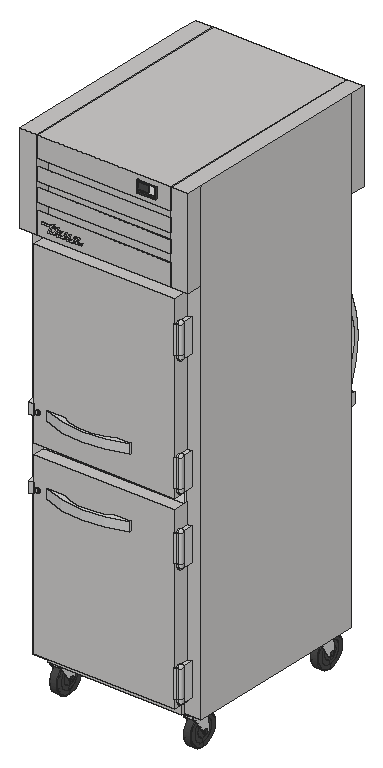
Revit family "QF_TRUE_STG1RPT-2HS-1G-HC", category Specialty Equipment, Revit 2012 (continued)
Automatic sketch dimensions
  Extrusion 6 sketch curve to Extrusion 6 sketch curve = 0.04799"
  Extrusion 6 sketch curve to Extrusion 6 sketch curve = 0.02531"
  Extrusion 6 sketch curve to Extrusion 6 sketch curve = 0.03054"
  Extrusion 6 sketch curve to Extrusion 6 sketch curve = 0.2589"
  Extrusion 6 sketch curve to Extrusion 6 sketch curve = 0.0674"
  Extrusion 6 sketch curve to Extrusion 6 sketch curve = 0.0324"
  Extrusion 6 sketch curve to Extrusion 6 sketch curve = 0.26185"
  Extrusion 6 sketch curve to Extrusion 6 sketch curve = 11/256"
  Extrusion 6 sketch curve to Extrusion 6 sketch curve = 0.07366"
  Extrusion 6 sketch curve to Extrusion 6 sketch curve = 0.02187"
  Extrusion 6 sketch curve to Extrusion 6 sketch curve = 0.06479"
  Extrusion 6 sketch curve to Extrusion 6 sketch curve = 0.01183"
  Extrusion 6 sketch curve to Extrusion 6 sketch curve = 0.05778"
  Extrusion 6 sketch curve to Extrusion 6 sketch curve = 0.53375"
  Extrusion 6 sketch curve to Extrusion 6 sketch curve = 0.23098"
  Extrusion 6 sketch curve to Extrusion 6 sketch curve = 0"
  Extrusion 6 sketch curve to Extrusion 6 sketch curve = 0.05045"
  Extrusion 6 sketch curve to Extrusion 6 sketch curve = 0.09139"
  Extrusion 6 sketch curve to Extrusion 6 sketch curve = 29/128"  (x3)
  Extrusion 9 sketch curve to Extrusion 9 sketch curve = 1/4"  (x2)
  Extrusion 9 sketch curve to Extrusion 9 sketch curve = 0.50669"  (x2)
  Extrusion 9 sketch curve to plane 6 = 0.63926"  (x2)
  Extrusion 9 sketch curve to Extrusion 9 sketch curve = 2 1/2"  (x2)
  level to Extrusion 9 sketch curve = 2.59003"
  Extrusion 9 sketch curve to Extrusion 9 sketch curve = 0.59966"  (x2)
  Extrusion 9 sketch curve to Extrusion 9 sketch curve = 0.07363"
  level to Extrusion 9 sketch curve = 2.5164"
  Extrusion 9 sketch curve to Extrusion 9 sketch curve = 0.32905"
  Extrusion 9 sketch curve to Extrusion 9 sketch curve = 0.60485"  (x2)
  Extrusion 10 sketch curve to Extrusion 10 sketch curve = 1/4"  (x2)
  Extrusion 10 sketch curve to Extrusion 10 sketch curve = 0.50669"  (x2)
  Extrusion 10 sketch curve to plane 6 = 0.63926"  (x2)
  Extrusion 10 sketch curve to Extrusion 10 sketch curve = 2 1/2"  (x2)
  level to Extrusion 10 sketch curve = 2.59003"
  Extrusion 10 sketch curve to Extrusion 10 sketch curve = 0.59966"  (x2)
  Extrusion 10 sketch curve to Extrusion 10 sketch curve = 0.07363"
  level to Extrusion 10 sketch curve = 2.5164"
  Extrusion 10 sketch curve to Extrusion 10 sketch curve = 0.32905"
  Extrusion 10 sketch curve to Extrusion 10 sketch curve = 0.60485"  (x2)
  Extrusion 15 sketch curve to Extrusion 15 sketch curve = 1/4"  (x2)
  Extrusion 15 sketch curve to plane 6 = 0.63926"  (x2)
  Extrusion 15 sketch curve to Extrusion 15 sketch curve = 2 1/2"  (x2)
  Extrusion 15 sketch curve to plane 6 = 0.93273"  (x2)
  Extrusion 15 sketch curve to Extrusion 15 sketch curve = 0.03603"
  Extrusion 15 sketch curve to plane 6 = 1.24411"
  plane 2 "LEFT" to Revolve 16 sketch curve = 1.33602"
  Revolve 16 sketch curve to Revolve 16 sketch curve = 0.48273"
  Revolve 16 sketch curve to Revolve 16 sketch curve = 0.1"  (x2)
  Revolve 16 sketch curve to Revolve 16 sketch curve = 0.16101"  (x2)
  Revolve 16 sketch curve to Revolve 16 sketch curve = 1/2"
  Revolve 16 sketch curve to Revolve 16 sketch curve = 0.16509"  (x2)
  Revolve 16 sketch curve to Revolve 16 sketch curve = 0.39592"
  level to Revolve 16 sketch curve = 2 1/2"
  Revolve 16 sketch curve to Revolve 16 sketch curve = 0"
  Revolve 16 sketch curve to Revolve 16 sketch curve = 0.29941"  (x2)
  Revolve 16 sketch curve to Revolve 16 sketch curve = 3/4"  (x4)
  Revolve 16 sketch curve to Revolve 16 sketch curve = 0.59652"
  Revolve 16 sketch curve to Revolve 16 sketch curve = 0.60059"
  Extrusion 17 sketch curve to Extrusion 17 sketch curve = 1/4"  (x2)
  Extrusion 17 sketch curve to Extrusion 17 sketch curve = 0.50669"  (x2)
  Extrusion 17 sketch curve to plane 6 = 0.63926"  (x2)
  Extrusion 17 sketch curve to Extrusion 17 sketch curve = 2 1/2"  (x2)
  level to Extrusion 17 sketch curve = 2.59003"
  Extrusion 17 sketch curve to Extrusion 17 sketch curve = 0.59966"  (x2)
  Extrusion 17 sketch curve to Extrusion 17 sketch curve = 0.07363"
  level to Extrusion 17 sketch curve = 2.5164"
  Extrusion 17 sketch curve to Extrusion 17 sketch curve = 0.32905"
  Extrusion 17 sketch curve to Extrusion 17 sketch curve = 0.60485"  (x2)
  Extrusion 18 sketch curve to Extrusion 18 sketch curve = 1/4"  (x2)
  Extrusion 18 sketch curve to Extrusion 18 sketch curve = 0.50669"  (x2)
  Extrusion 18 sketch curve to plane 6 = 0.63926"  (x2)
  Extrusion 18 sketch curve to Extrusion 18 sketch curve = 2 1/2"  (x2)
  level to Extrusion 18 sketch curve = 2.59003"
  Extrusion 18 sketch curve to Extrusion 18 sketch curve = 0.59966"  (x2)
  Extrusion 18 sketch curve to Extrusion 18 sketch curve = 0.07363"
  level to Extrusion 18 sketch curve = 2.5164"
  Extrusion 18 sketch curve to Extrusion 18 sketch curve = 0.32905"
  Extrusion 18 sketch curve to Extrusion 18 sketch curve = 0.60485"  (x2)
  Revolve 19 sketch curve to plane 6 = 0.62954"
  Revolve 19 sketch curve to Revolve 19 sketch curve = 0.10278"
  Revolve 19 sketch curve to plane 6 = 0.00141"
  plane 6 to Revolve 19 sketch curve = 0.26768"
  Revolve 20 sketch curve to level = 0"
  Revolve 20 sketch curve to Revolve 20 sketch curve = 1/4"
  Revolve 20 sketch curve to plane 6 = 0"
  level to Revolve 20 sketch curve = 1"
  Revolve 20 sketch curve to Revolve 20 sketch curve = 5/8"
  plane 6 to Revolve 20 sketch curve = 1 25/32"
  Revolve 21 sketch curve to level = 0"
  Revolve 21 sketch curve to Revolve 21 sketch curve = 1/4"
  Revolve 21 sketch curve to plane 6 = 0"
  level to Revolve 21 sketch curve = 1"
  Revolve 21 sketch curve to Revolve 21 sketch curve = 5/8"
  plane 6 to Revolve 21 sketch curve = 1 25/32"
  Revolve 22 sketch curve to plane 6 = 0.62954"
  Revolve 22 sketch curve to Revolve 22 sketch curve = 0.10278"
  Revolve 22 sketch curve to plane 6 = 0.00141"
  plane 6 to Revolve 22 sketch curve = 0.26768"
  Extrusion 23 sketch curve to Extrusion 23 sketch curve = 1/4"  (x2)
  Extrusion 23 sketch curve to plane 6 = 0.63926"  (x2)
  Extrusion 23 sketch curve to Extrusion 23 sketch curve = 2 1/2"  (x2)
  Extrusion 23 sketch curve to plane 6 = 0.93273"  (x2)
  Extrusion 23 sketch curve to Extrusion 23 sketch curve = 0.03603"
  Extrusion 23 sketch curve to plane 6 = 1.24411"
  plane 2 "LEFT" to Extrusion 27 sketch curve = 3/64"
  Extrusion 28 sketch curve to Extrusion 28 sketch curve = 0.20453"
  Extrusion 28 sketch curve to plane 5 "TOP" = 19.57271"
  Extrusion 28 sketch curve to Extrusion 28 sketch curve = 4.39928"
  Extrusion 28 sketch curve to Extrusion 28 sketch curve = 0.71221"
  Revolve 29 sketch curve to Revolve 29 sketch curve = 0.40666"
  Revolve 29 sketch curve to Revolve 29 sketch curve = 0"  (x2)
  Revolve 29 sketch curve to plane 5 "TOP" = 18.75492"
  Revolve 29 sketch curve to Revolve 29 sketch curve = 0.55526"
  Revolve 29 sketch curve to Revolve 29 sketch curve = 0.19474"
  Revolve 29 sketch curve to Revolve 29 sketch curve = 0.14649"
  Revolve 29 sketch curve to Revolve 29 sketch curve = 4.42889"
  Revolve 29 sketch curve to Revolve 29 sketch curve = 0.05342"
  Revolve 29 sketch curve to Revolve 29 sketch curve = 0.51246"
  Revolve 29 sketch curve to Revolve 29 sketch curve = 0.05889"
  Extrusion 30 sketch curve to Extrusion 30 sketch curve = 0.39759"
  Extrusion 30 sketch curve to plane 5 "TOP" = 19.6514"
  Extrusion 30 sketch curve to Extrusion 30 sketch curve = 4.47281"
  Extrusion 31 sketch curve to Extrusion 31 sketch curve = 0.20453"
  plane 6 to Extrusion 31 sketch curve = 38.92729"
  Extrusion 31 sketch curve to Extrusion 31 sketch curve = 4.39928"
  Extrusion 31 sketch curve to Extrusion 31 sketch curve = 0.71221"
  Revolve 32 sketch curve to Revolve 32 sketch curve = 0.40666"
  Revolve 32 sketch curve to Revolve 32 sketch curve = 0"  (x2)
  Revolve 32 sketch curve to plane 5 "TOP" = 38.25492"
  Revolve 32 sketch curve to Revolve 32 sketch curve = 0.55526"
  Revolve 32 sketch curve to Revolve 32 sketch curve = 0.19474"
  Revolve 32 sketch curve to Revolve 32 sketch curve = 0.14649"
  Revolve 32 sketch curve to Revolve 32 sketch curve = 4.42889"
  Revolve 32 sketch curve to Revolve 32 sketch curve = 0.05342"
  Revolve 32 sketch curve to Revolve 32 sketch curve = 0.51246"
  Revolve 32 sketch curve to Revolve 32 sketch curve = 0.05889"
  Extrusion 33 sketch curve to Extrusion 33 sketch curve = 0.39759"
  plane 6 to Extrusion 33 sketch curve = 38.8486"
  Extrusion 33 sketch curve to Extrusion 33 sketch curve = 4.47281"
  Extrusion 34 sketch curve to Extrusion 34 sketch curve = 0.20453"
  plane 6 to Extrusion 34 sketch curve = 27.92729"
  Extrusion 34 sketch curve to Extrusion 34 sketch curve = 4.39928"
  Extrusion 34 sketch curve to Extrusion 34 sketch curve = 0.71221"
  Revolve 35 sketch curve to Revolve 35 sketch curve = 0.40666"
  Revolve 35 sketch curve to Revolve 35 sketch curve = 0"  (x2)
  plane 6 to Revolve 35 sketch curve = 28.74508"
  Revolve 35 sketch curve to Revolve 35 sketch curve = 0.55526"
  Revolve 35 sketch curve to Revolve 35 sketch curve = 0.19474"
  Revolve 35 sketch curve to Revolve 35 sketch curve = 0.14649"
  Revolve 35 sketch curve to Revolve 35 sketch curve = 4.42889"
  Revolve 35 sketch curve to Revolve 35 sketch curve = 0.05342"
  Revolve 35 sketch curve to Revolve 35 sketch curve = 0.51246"
  Revolve 35 sketch curve to Revolve 35 sketch curve = 0.05889"
  Extrusion 36 sketch curve to Extrusion 36 sketch curve = 0.39759"
  plane 6 to Extrusion 36 sketch curve = 27.8486"
  Extrusion 36 sketch curve to Extrusion 36 sketch curve = 4.47281"
  Extrusion 37 sketch curve to Extrusion 37 sketch curve = 0.20453"
  plane 6 to Extrusion 37 sketch curve = 8.17729"
  plane 6 to Extrusion 37 sketch curve = 3.57348"
  Extrusion 37 sketch curve to Extrusion 37 sketch curve = 0.75105"
  Revolve 38 sketch curve to Revolve 38 sketch curve = 0"
  plane 6 to Revolve 38 sketch curve = 8.99508"
  Revolve 38 sketch curve to Revolve 38 sketch curve = 0.55526"
  Revolve 38 sketch curve to Revolve 38 sketch curve = 0.19474"
  Revolve 38 sketch curve to Revolve 38 sketch curve = 0.14649"
  plane 6 to Revolve 38 sketch curve = 3.62689"
  Revolve 38 sketch curve to Revolve 38 sketch curve = 0.05342"
  Revolve 38 sketch curve to Revolve 38 sketch curve = 0.51246"
  Revolve 38 sketch curve to Revolve 38 sketch curve = 0.05889"
  Extrusion 39 sketch curve to Extrusion 39 sketch curve = 0.39759"
  plane 6 to Extrusion 39 sketch curve = 8.0986"
  plane 6 to Extrusion 39 sketch curve = 3.62579"
  plane 8 to Extrusion 40 sketch curve = 3/16"  (x2)
  Extrusion 40 sketch curve to Extrusion 40 sketch curve = 0.21217"  (x2)
  Extrusion 40 sketch curve to Extrusion 40 sketch curve = 7.70023"
  plane 6 to Extrusion 40 sketch curve = 33 1/4"
  Extrusion 40 sketch curve to Extrusion 40 sketch curve = 2.3785"
  Extrusion 40 sketch curve to Extrusion 40 sketch curve = 4.559"
  Extrusion 40 sketch curve to Extrusion 40 sketch curve = 0"
  Extrusion 44 sketch curve to Extrusion 44 sketch curve = 0.20453"
  Extrusion 44 sketch curve to plane 5 "TOP" = 19.66646"
  Extrusion 44 sketch curve to Extrusion 44 sketch curve = 4.39928"
  Extrusion 44 sketch curve to Extrusion 44 sketch curve = 0.71221"
  Revolve 45 sketch curve to Revolve 45 sketch curve = 0.40666"
  Revolve 45 sketch curve to Revolve 45 sketch curve = 0"  (x2)
  Revolve 45 sketch curve to plane 5 "TOP" = 18.84867"
  Revolve 45 sketch curve to Revolve 45 sketch curve = 0.55526"
  Revolve 45 sketch curve to Revolve 45 sketch curve = 0.19474"
  Revolve 45 sketch curve to Revolve 45 sketch curve = 0.14649"
  Revolve 45 sketch curve to Revolve 45 sketch curve = 4.42889"
  Revolve 45 sketch curve to Revolve 45 sketch curve = 0.05342"
  Revolve 45 sketch curve to Revolve 45 sketch curve = 0.51246"
  Revolve 45 sketch curve to Revolve 45 sketch curve = 0.05889"
  Extrusion 47 sketch curve to Extrusion 47 sketch curve = 0.20453"
  plane 6 to Extrusion 47 sketch curve = 38.83354"
  Extrusion 47 sketch curve to Extrusion 47 sketch curve = 4.39928"
  Extrusion 47 sketch curve to Extrusion 47 sketch curve = 0.71221"
  Revolve 48 sketch curve to Revolve 48 sketch curve = 0.40666"
  Revolve 48 sketch curve to Revolve 48 sketch curve = 0"  (x2)
  Revolve 48 sketch curve to plane 5 "TOP" = 38.34867"
  Revolve 48 sketch curve to Revolve 48 sketch curve = 0.55526"
  Revolve 48 sketch curve to Revolve 48 sketch curve = 0.19474"
  Revolve 48 sketch curve to Revolve 48 sketch curve = 0.14649"
  Revolve 48 sketch curve to Revolve 48 sketch curve = 4.42889"
  Revolve 48 sketch curve to Revolve 48 sketch curve = 0.05342"
  Revolve 48 sketch curve to Revolve 48 sketch curve = 0.51246"
  Revolve 48 sketch curve to Revolve 48 sketch curve = 0.05889"
  Extrusion 50 sketch curve to Extrusion 50 sketch curve = 0.20453"
  plane 6 to Extrusion 50 sketch curve = 27.83354"
  Extrusion 50 sketch curve to Extrusion 50 sketch curve = 4.39928"
  Extrusion 50 sketch curve to Extrusion 50 sketch curve = 0.71221"
  Revolve 51 sketch curve to Revolve 51 sketch curve = 0.40666"
  Revolve 51 sketch curve to Revolve 51 sketch curve = 0"  (x2)
  plane 6 to Revolve 51 sketch curve = 28.65133"
  Revolve 51 sketch curve to Revolve 51 sketch curve = 0.55526"
  Revolve 51 sketch curve to Revolve 51 sketch curve = 0.19474"
  Revolve 51 sketch curve to Revolve 51 sketch curve = 0.14649"
  Revolve 51 sketch curve to Revolve 51 sketch curve = 4.42889"
  Revolve 51 sketch curve to Revolve 51 sketch curve = 0.05342"
  Revolve 51 sketch curve to Revolve 51 sketch curve = 0.51246"
  Revolve 51 sketch curve to Revolve 51 sketch curve = 0.05889"
  Extrusion 53 sketch curve to Extrusion 53 sketch curve = 0.20453"
  plane 6 to Extrusion 53 sketch curve = 8.08354"
  plane 6 to Extrusion 53 sketch curve = 3.47973"
  Extrusion 53 sketch curve to Extrusion 53 sketch curve = 0.71221"
  Revolve 54 sketch curve to Revolve 54 sketch curve = 0.40666"
  Revolve 54 sketch curve to Revolve 54 sketch curve = 0"  (x2)
  plane 6 to Revolve 54 sketch curve = 8.90133"
  Revolve 54 sketch curve to Revolve 54 sketch curve = 0.55526"
  Revolve 54 sketch curve to Revolve 54 sketch curve = 0.19474"
  Revolve 54 sketch curve to Revolve 54 sketch curve = 0.14649"
  plane 6 to Revolve 54 sketch curve = 3.53314"
  Revolve 54 sketch curve to Revolve 54 sketch curve = 0.05342"
  Revolve 54 sketch curve to Revolve 54 sketch curve = 0.51246"
  Revolve 54 sketch curve to Revolve 54 sketch curve = 0.05889"
  Extrusion 56 sketch curve to Extrusion 56 sketch curve = 0.0555"
  plane 6 to Extrusion 56 sketch curve = 25.91365"
  Extrusion 56 sketch curve to Extrusion 56 sketch curve = 0.27385"
  Extrusion 56 sketch curve to Extrusion 56 sketch curve = 0.29355"
  Blend 57 sketch curve to Blend 57 sketch curve = 3/4"
  plane 6 to Blend 57 sketch curve = 27.00831"
  Blend 57 sketch curve to Blend 57 sketch curve = 1 3/4"
  Blend 57 sketch curve to Blend 57 sketch curve = 0.93223"
  plane 6 to Blend 57 sketch curve = 27.6059"
  Blend 57 sketch curve to Blend 57 sketch curve = 2.78233"
  Extrusion 58 sketch curve to plane 4 "FRONT" = 3/16"  (x2)
  Extrusion 58 sketch curve to Extrusion 58 sketch curve = 2.37851"  (x2)
  Extrusion 58 sketch curve to Extrusion 58 sketch curve = 0"
  Extrusion 58 sketch curve to Extrusion 58 sketch curve = 0.2122"
  Extrusion 58 sketch curve to Extrusion 58 sketch curve = 7.30945"
  Extrusion 62 sketch curve to Extrusion 62 sketch curve = 0.0555"
  plane 6 to Extrusion 62 sketch curve = 37.26895"
  Extrusion 62 sketch curve to Extrusion 62 sketch curve = 0.29355"
  Extrusion 62 sketch curve to Extrusion 62 sketch curve = 0.27385"
  Blend 63 sketch curve to Blend 63 sketch curve = 3/4"
  plane 6 to Blend 63 sketch curve = 38.49169"
  Blend 63 sketch curve to Blend 63 sketch curve = 1 3/4"
  Blend 63 sketch curve to Blend 63 sketch curve = 0.93223"
  plane 6 to Blend 63 sketch curve = 38.92643"
  Blend 63 sketch curve to Blend 63 sketch curve = 2.78233"
  Extrusion 64 sketch curve to plane 4 "FRONT" = 3/16"  (x2)
  Extrusion 64 sketch curve to Extrusion 64 sketch curve = 2.37851"  (x2)
  Extrusion 64 sketch curve to Extrusion 64 sketch curve = 0"
  Extrusion 64 sketch curve to Extrusion 64 sketch curve = 0.2122"
  Extrusion 64 sketch curve to Extrusion 64 sketch curve = 7.30945"
  plane 2 "LEFT" to Revolve 66 sketch curve = 1.33602"
  Revolve 66 sketch curve to Revolve 66 sketch curve = 0.48273"
  Revolve 66 sketch curve to Revolve 66 sketch curve = 0.1"  (x2)
  Revolve 66 sketch curve to Revolve 66 sketch curve = 0.16101"  (x2)
  Revolve 66 sketch curve to Revolve 66 sketch curve = 1/2"
  Revolve 66 sketch curve to Revolve 66 sketch curve = 0.16509"  (x2)
  Revolve 66 sketch curve to Revolve 66 sketch curve = 0.39592"
  level to Revolve 66 sketch curve = 2 1/2"
  Revolve 66 sketch curve to Revolve 66 sketch curve = 0"
  Revolve 66 sketch curve to Revolve 66 sketch curve = 0.29941"  (x2)
  Revolve 66 sketch curve to Revolve 66 sketch curve = 3/4"  (x4)
  Revolve 66 sketch curve to Revolve 66 sketch curve = 0.59652"
  Revolve 66 sketch curve to Revolve 66 sketch curve = 0.60059"
  Extrusion 9 sketch curve to Extrusion 9 sketch curve = 1.7492"
  Extrusion 10 sketch curve to Extrusion 10 sketch curve = 1.7492"
  Extrusion 17 sketch curve to Extrusion 17 sketch curve = 1.7492"
  Extrusion 18 sketch curve to Extrusion 18 sketch curve = 1.7492"
  Extrusion 28 sketch curve to Extrusion 28 sketch curve = 1.50065"
  Extrusion 31 sketch curve to Extrusion 31 sketch curve = 1.50065"
  Extrusion 34 sketch curve to Extrusion 34 sketch curve = 1.50065"
  Extrusion 37 sketch curve to Extrusion 37 sketch curve = 1.50065"
  Extrusion 3 sketch curve to Extrusion 3 sketch curve = 1/2"
  Extrusion 5 sketch curve to Extrusion 5 sketch curve = 2 9/16"
  Extrusion 9 sketch curve to Extrusion 9 sketch curve = 0.35555"
  Extrusion 10 sketch curve to Extrusion 10 sketch curve = 0.35555"
  Extrusion 17 sketch curve to Extrusion 17 sketch curve = 0.35555"
  Extrusion 18 sketch curve to Extrusion 18 sketch curve = 0.35555"
  Extrusion 44 sketch curve to Extrusion 44 sketch curve = 1.50065"
  Extrusion 47 sketch curve to Extrusion 47 sketch curve = 1.50065"
  Extrusion 50 sketch curve to Extrusion 50 sketch curve = 1.50065"
  Extrusion 53 sketch curve to Extrusion 53 sketch curve = 1.50065"
  Extrusion 1 sketch curve to plane 4 "FRONT" = 2 3/4"
  plane 7 to Extrusion 3 sketch curve = 2.3292"
  plane 7 to Extrusion 3 sketch curve = 2.7042"
  plane 7 to Extrusion 3 sketch curve = 2.2042"
  Extrusion 3 sketch curve to Extrusion 3 sketch curve = 0"  (x2)
  plane 7 to Extrusion 3 sketch curve = 0.1417"  (x4)
  Extrusion 5 sketch curve to plane 4 "FRONT" = 3/16"
  Extrusion 9 sketch curve to plane 4 "FRONT" = 6.90419"
  Extrusion 10 sketch curve to plane 4 "FRONT" = 6.90419"
  Extrusion 15 sketch curve to plane 4 "FRONT" = 6.58467"
  Extrusion 17 sketch curve to plane 4 "FRONT" = 6.90419"
  Extrusion 18 sketch curve to plane 4 "FRONT" = 6.90419"
  Extrusion 23 sketch curve to plane 4 "FRONT" = 6.58467"
  Extrusion 44 sketch curve to plane 4 "FRONT" = 0.60979"
  Extrusion 44 sketch curve to Extrusion 44 sketch curve = 0.43503"
  Revolve 45 sketch curve to plane 4 "FRONT" = 3/8"  (x2)
  Revolve 45 sketch curve to Revolve 45 sketch curve = 0.02425"
  Revolve 45 sketch curve to Revolve 45 sketch curve = 0.38436"
  Extrusion 47 sketch curve to plane 4 "FRONT" = 0.60979"
  Extrusion 47 sketch curve to Extrusion 47 sketch curve = 0.43503"
  Revolve 48 sketch curve to plane 4 "FRONT" = 3/8"  (x2)
  Revolve 48 sketch curve to Revolve 48 sketch curve = 0.02425"
  Revolve 48 sketch curve to Revolve 48 sketch curve = 0.02231"
  Extrusion 50 sketch curve to plane 4 "FRONT" = 0.60979"
  Extrusion 50 sketch curve to Extrusion 50 sketch curve = 0.43503"
  Revolve 51 sketch curve to plane 4 "FRONT" = 3/8"  (x2)
  Revolve 51 sketch curve to Revolve 51 sketch curve = 0.02425"
  Revolve 51 sketch curve to Revolve 51 sketch curve = 0.02231"
  Extrusion 53 sketch curve to plane 4 "FRONT" = 0.60979"
  Extrusion 53 sketch curve to Extrusion 53 sketch curve = 0.43503"
  Revolve 54 sketch curve to plane 4 "FRONT" = 3/8"  (x2)
  Revolve 54 sketch curve to Revolve 54 sketch curve = 0.02425"
  Revolve 54 sketch curve to Revolve 54 sketch curve = 0.02231"
  Extrusion 58 sketch curve to plane 4 "FRONT" = 7.95429"
  Extrusion 64 sketch curve to plane 4 "FRONT" = 7.95429"
  plane 8 to Extrusion 1 sketch curve = 2 3/4"
  plane 8 to Extrusion 3 sketch curve = 2 3/4"  (x2)
  plane 8 to Extrusion 3 sketch curve = 2.15841"  (x2)
  plane 8 to Extrusion 3 sketch curve = 3/16"  (x4)
  plane 8 to Extrusion 9 sketch curve = 6.82645"
  plane 8 to Extrusion 10 sketch curve = 6.82645"
  plane 8 to Extrusion 15 sketch curve = 6.82645"
  plane 8 to Extrusion 17 sketch curve = 6.82645"
  plane 8 to Extrusion 18 sketch curve = 6.82645"
  plane 8 to Extrusion 23 sketch curve = 6.82645"
  plane 8 to Extrusion 27 sketch curve = 2 3/4"
  plane 8 to Extrusion 27 sketch curve = 3/16"
  plane 8 to Extrusion 28 sketch curve = 0.60979"
  Extrusion 28 sketch curve to Extrusion 28 sketch curve = 0.43503"
  plane 8 to Revolve 29 sketch curve = 3/16"  (x2)
  Revolve 29 sketch curve to Revolve 29 sketch curve = 0.38242"
  Revolve 29 sketch curve to Revolve 29 sketch curve = 0.02231"
  plane 8 to Extrusion 31 sketch curve = 0.60979"
  Extrusion 31 sketch curve to Extrusion 31 sketch curve = 0.43503"
  plane 8 to Revolve 32 sketch curve = 3/16"  (x2)
  Revolve 32 sketch curve to Revolve 32 sketch curve = 0.38242"
  Revolve 32 sketch curve to Revolve 32 sketch curve = 0.02231"
  plane 8 to Extrusion 34 sketch curve = 0.60979"
  Extrusion 34 sketch curve to Extrusion 34 sketch curve = 0.43503"
  plane 8 to Revolve 35 sketch curve = 3/16"  (x2)
  Revolve 35 sketch curve to Revolve 35 sketch curve = 0.38242"
  Revolve 35 sketch curve to Revolve 35 sketch curve = 0.38436"
  plane 8 to Extrusion 37 sketch curve = 0.60979"
  Extrusion 37 sketch curve to Extrusion 37 sketch curve = 0.43503"
  plane 8 to Revolve 38 sketch curve = 3/16"  (x2)
  Revolve 38 sketch curve to Revolve 38 sketch curve = 0.38242"
  Revolve 38 sketch curve to Revolve 38 sketch curve = 0.38436"
  plane 8 to Revolve 38 sketch curve = 0.59416"
  Revolve 38 sketch curve to Revolve 38 sketch curve = 0.40666"
  plane 8 to Extrusion 40 sketch curve = 8.21725"
  plane 2 "LEFT" to Extrusion 1 sketch curve = 2 55/64"
  Extrusion 5 sketch curve to Extrusion 5 sketch curve = 2 13/16"
  plane 2 "LEFT" to Extrusion 6 sketch curve = 3.68957"
  Revolve 16 sketch curve to Revolve 16 sketch curve = 0.4"
  Revolve 16 sketch curve to Revolve 16 sketch curve = 0.75408"
  Revolve 16 sketch curve to Revolve 16 sketch curve = 0.10408"
  plane 2 "LEFT" to Revolve 19 sketch curve = 1.54668"
  Revolve 19 sketch curve to Revolve 19 sketch curve = 1.29707"
  Revolve 19 sketch curve to Revolve 19 sketch curve = 0"
  plane 2 "LEFT" to Revolve 20 sketch curve = 1.51037"
  plane 2 "LEFT" to Revolve 20 sketch curve = 2 3/32"
  Revolve 20 sketch curve to Revolve 20 sketch curve = 1/2"
  Revolve 20 sketch curve to Revolve 20 sketch curve = 0"
  plane 2 "LEFT" to Revolve 21 sketch curve = 1.51037"
  plane 2 "LEFT" to Revolve 21 sketch curve = 2 3/32"
  Revolve 21 sketch curve to Revolve 21 sketch curve = 1/2"
  Revolve 21 sketch curve to Revolve 21 sketch curve = 0"
  plane 2 "LEFT" to Revolve 22 sketch curve = 1.54668"
  Revolve 22 sketch curve to Revolve 22 sketch curve = 1.29707"
  Revolve 22 sketch curve to Revolve 22 sketch curve = 0"
  Extrusion 27 sketch curve to Extrusion 27 sketch curve = 2 13/16"
  plane 2 "LEFT" to Extrusion 30 sketch curve = 1.88366"
  plane 2 "LEFT" to Extrusion 33 sketch curve = 1.88366"
  plane 2 "LEFT" to Extrusion 36 sketch curve = 1.88366"
  plane 2 "LEFT" to Extrusion 39 sketch curve = 1.88366"
  plane 2 "LEFT" to Extrusion 56 sketch curve = 3.0734"
  Extrusion 56 sketch curve to Extrusion 56 sketch curve = 0.02035"
  plane 2 "LEFT" to Blend 57 sketch curve = 2 9/32"  (x2)
  plane 2 "LEFT" to Extrusion 58 sketch curve = 4 9/16"
  Extrusion 58 sketch curve to Extrusion 58 sketch curve = 4.42149"
  plane 2 "LEFT" to Extrusion 62 sketch curve = 3.0734"
  Extrusion 62 sketch curve to Extrusion 62 sketch curve = 0.02035"
  plane 2 "LEFT" to Blend 63 sketch curve = 2 9/32"  (x2)
  plane 2 "LEFT" to Extrusion 64 sketch curve = 4 9/16"
  Extrusion 64 sketch curve to Extrusion 64 sketch curve = 4.42149"
  Revolve 66 sketch curve to Revolve 66 sketch curve = 0.4"
  Revolve 66 sketch curve to Revolve 66 sketch curve = 0.75408"
  Revolve 66 sketch curve to Revolve 66 sketch curve = 0.10408"
  Extrusion 2 sketch curve to plane 3 "RIGHT" = 0"
  Extrusion 2 sketch curve to plane 3 "RIGHT" = 2 55/64"
  Extrusion 2 sketch curve to plane 4 "FRONT" = 2 3/4"
  plane 8 to Extrusion 2 sketch curve = 2 3/4"
  Extrusion 4 sketch curve to plane 3 "RIGHT" = 2 55/64"
  Extrusion 4 sketch curve to plane 3 "RIGHT" = 3/64"
  Extrusion 4 sketch curve to plane 4 "FRONT" = 3/16"
  Extrusion 4 sketch curve to Extrusion 4 sketch curve = 2 9/16"
  Extrusion 7 sketch curve to plane 3 "RIGHT" = 3 1/4"
  Extrusion 7 sketch curve to plane 5 "TOP" = 2 1/8"
  Revolve 8 sketch curve to plane 3 "RIGHT" = 4.35148"
  Revolve 8 sketch curve to Revolve 8 sketch curve = 0.48273"
  Revolve 8 sketch curve to Revolve 8 sketch curve = 0.4"
  Revolve 8 sketch curve to Revolve 8 sketch curve = 0"  (x2)
  Revolve 8 sketch curve to Revolve 8 sketch curve = 0.1"  (x2)
  Revolve 8 sketch curve to Revolve 8 sketch curve = 0.16101"
  Revolve 8 sketch curve to Revolve 8 sketch curve = 0.75408"
  Revolve 8 sketch curve to Revolve 8 sketch curve = 0.92798"
  Revolve 8 sketch curve to Revolve 8 sketch curve = 0.06101"
  Revolve 8 sketch curve to Revolve 8 sketch curve = 1/2"
  Revolve 8 sketch curve to Revolve 8 sketch curve = 0.16509"
  Revolve 8 sketch curve to Revolve 8 sketch curve = 0.39592"
  level to Revolve 8 sketch curve = 2 1/2"
  Revolve 8 sketch curve to Revolve 8 sketch curve = 0.29941"  (x2)
  Revolve 8 sketch curve to Revolve 8 sketch curve = 3/4"  (x4)
  Revolve 8 sketch curve to Revolve 8 sketch curve = 0.59652"
  Revolve 8 sketch curve to Revolve 8 sketch curve = 0.60059"
  Revolve 11 sketch curve to plane 6 = 0.62954"
  Revolve 11 sketch curve to plane 3 "RIGHT" = 4.14082"
  Revolve 11 sketch curve to Revolve 11 sketch curve = 1.29707"
  Revolve 11 sketch curve to Revolve 11 sketch curve = 0"
  Revolve 11 sketch curve to Revolve 11 sketch curve = 0.10278"
  Revolve 11 sketch curve to plane 6 = 0.00141"
  plane 6 to Revolve 11 sketch curve = 0.26768"
  Revolve 12 sketch curve to level = 0"
  Revolve 12 sketch curve to plane 6 = 0"
  Revolve 12 sketch curve to plane 3 "RIGHT" = 4.17713"
  level to Revolve 12 sketch curve = 1"
  Revolve 12 sketch curve to plane 3 "RIGHT" = 3 19/32"
  Revolve 12 sketch curve to Revolve 12 sketch curve = 1/4"
  Revolve 12 sketch curve to Revolve 12 sketch curve = 1/2"
  Revolve 12 sketch curve to Revolve 12 sketch curve = 0"
  Revolve 12 sketch curve to Revolve 12 sketch curve = 5/8"
  plane 6 to Revolve 12 sketch curve = 1 25/32"
  Revolve 13 sketch curve to level = 0"
  Revolve 13 sketch curve to plane 6 = 0"
  Revolve 13 sketch curve to plane 3 "RIGHT" = 4.17713"
  level to Revolve 13 sketch curve = 1"
  Revolve 13 sketch curve to plane 3 "RIGHT" = 3 19/32"
  Revolve 13 sketch curve to Revolve 13 sketch curve = 1/4"
  Revolve 13 sketch curve to Revolve 13 sketch curve = 1/2"
  Revolve 13 sketch curve to Revolve 13 sketch curve = 0"
  Revolve 13 sketch curve to Revolve 13 sketch curve = 5/8"
  plane 6 to Revolve 13 sketch curve = 1 25/32"
  Revolve 14 sketch curve to plane 6 = 0.62954"
  Revolve 14 sketch curve to plane 3 "RIGHT" = 4.14082"
  Revolve 14 sketch curve to Revolve 14 sketch curve = 1.29707"
  Revolve 14 sketch curve to Revolve 14 sketch curve = 0"
  Revolve 14 sketch curve to Revolve 14 sketch curve = 0.10278"
  Revolve 14 sketch curve to plane 6 = 0.00141"
  plane 6 to Revolve 14 sketch curve = 0.26768"
  plane 2 "LEFT" to Extrusion 24 sketch curve = 2 9/32"
  Extrusion 24 sketch curve to Extrusion 24 sketch curve = 3 11/32"  (x2)
  Extrusion 24 sketch curve to plane 3 "RIGHT" = 5 5/8"
  Extrusion 24 sketch curve to plane 3 "RIGHT" = 2 9/32"
  Extrusion 24 sketch curve to plane 5 "TOP" = 16 5/32"
  plane 6 to Extrusion 24 sketch curve = 5 1/4"
  plane 6 to Extrusion 24 sketch curve = 1 29/32"
  plane 2 "LEFT" to Extrusion 25 sketch curve = 5 5/8"
  Extrusion 25 sketch curve to plane 3 "RIGHT" = 5 5/8"
  Extrusion 25 sketch curve to plane 5 "TOP" = 19 1/2"
  plane 6 to Extrusion 25 sketch curve = 5 1/4"
  Extrusion 26 sketch curve to plane 3 "RIGHT" = 2 55/64"
  Extrusion 26 sketch curve to plane 3 "RIGHT" = 3/64"
  plane 8 to Extrusion 26 sketch curve = 2 3/4"
  plane 8 to Extrusion 26 sketch curve = 3/16"
  Extrusion 41 sketch curve to plane 3 "RIGHT" = 3.0734"
  Extrusion 41 sketch curve to Extrusion 41 sketch curve = 0.02035"
  Extrusion 41 sketch curve to Extrusion 41 sketch curve = 0.0555"
  plane 6 to Extrusion 41 sketch curve = 31.58145"
  Extrusion 41 sketch curve to Extrusion 41 sketch curve = 0.29355"
  Extrusion 41 sketch curve to Extrusion 41 sketch curve = 0.27385"
  Blend 42 sketch curve to plane 3 "RIGHT" = 2 9/32"  (x2)
  Blend 42 sketch curve to Blend 42 sketch curve = 3/4"
  plane 6 to Blend 42 sketch curve = 32.80419"
  Blend 42 sketch curve to Blend 42 sketch curve = 1 3/4"
  Blend 42 sketch curve to Blend 42 sketch curve = 0.93223"
  plane 6 to Blend 42 sketch curve = 33.23893"
  Blend 42 sketch curve to Blend 42 sketch curve = 2.78233"
  plane 2 "LEFT" to Extrusion 43 sketch curve = 2 9/32"
  Extrusion 43 sketch curve to Extrusion 43 sketch curve = 0"
  Extrusion 43 sketch curve to plane 3 "RIGHT" = 2 9/32"  (x2)
  plane 6 to Extrusion 43 sketch curve = 1 29/32"
  Extrusion 43 sketch curve to Extrusion 43 sketch curve = 29 1/8"
  Extrusion 43 sketch curve to Extrusion 43 sketch curve = 1 11/16"
  Extrusion 43 sketch curve to plane 5 "TOP" = 16 5/32"
  Extrusion 46 sketch curve to plane 3 "RIGHT" = 1.88366"
  Extrusion 46 sketch curve to Extrusion 46 sketch curve = 0.39759"
  Extrusion 46 sketch curve to plane 5 "TOP" = 19.74515"
  Extrusion 46 sketch curve to Extrusion 46 sketch curve = 4.47281"
  Extrusion 49 sketch curve to plane 3 "RIGHT" = 1.88366"
  Extrusion 49 sketch curve to Extrusion 49 sketch curve = 0.39759"
  plane 6 to Extrusion 49 sketch curve = 38.75485"
  Extrusion 49 sketch curve to Extrusion 49 sketch curve = 4.47281"
  Extrusion 52 sketch curve to plane 3 "RIGHT" = 1.88366"
  Extrusion 52 sketch curve to Extrusion 52 sketch curve = 0.39759"
  plane 6 to Extrusion 52 sketch curve = 27.75485"
  Extrusion 52 sketch curve to Extrusion 52 sketch curve = 4.47281"
  Extrusion 55 sketch curve to plane 3 "RIGHT" = 1.88366"
  Extrusion 55 sketch curve to Extrusion 55 sketch curve = 0.39759"
  plane 6 to Extrusion 55 sketch curve = 8.00485"
  plane 6 to Extrusion 55 sketch curve = 3.53204"
  plane 2 "LEFT" to Extrusion 59 sketch curve = 2 9/32"
  Extrusion 59 sketch curve to plane 3 "RIGHT" = 2 9/32"
  plane 6 to Extrusion 59 sketch curve = 31 1/32"
  Extrusion 59 sketch curve to Extrusion 59 sketch curve = 1 11/16"
  Extrusion 60 sketch curve to plane 5 "TOP" = 2.55982"
  Extrusion 60 sketch curve to plane 3 "RIGHT" = 8.1621"
  Extrusion 60 sketch curve to Extrusion 60 sketch curve = 2 29/32"
  Extrusion 60 sketch curve to plane 5 "TOP" = 13/16"
  Extrusion 61 sketch curve to plane 5 "TOP" = 3/4"
  Extrusion 61 sketch curve to plane 3 "RIGHT" = 8.2246"
  Extrusion 61 sketch curve to Extrusion 61 sketch curve = 1/16"  (x4)
  Extrusion 61 sketch curve to Extrusion 61 sketch curve = 0.1375"  (x2)
  Extrusion 61 sketch curve to Extrusion 61 sketch curve = 1/4"  (x4)
  Extrusion 61 sketch curve to Extrusion 61 sketch curve = 0.44601"
  Extrusion 61 sketch curve to Extrusion 61 sketch curve = 1/2"  (x2)
  Extrusion 61 sketch curve to Extrusion 61 sketch curve = 0.0035"
  Extrusion 61 sketch curve to Extrusion 61 sketch curve = 1.06923"
  Extrusion 61 sketch curve to plane 5 "TOP" = 0.95"
  Extrusion 61 sketch curve to Extrusion 61 sketch curve = 1"
  Extrusion 61 sketch curve to Extrusion 61 sketch curve = 0.34106"  (x3)
  Extrusion 61 sketch curve to Extrusion 61 sketch curve = 0"
  Extrusion 61 sketch curve to Extrusion 61 sketch curve = 0.26876"
  Revolve 65 sketch curve to plane 3 "RIGHT" = 4.35148"
  Revolve 65 sketch curve to Revolve 65 sketch curve = 0.48273"
  Revolve 65 sketch curve to Revolve 65 sketch curve = 0.4"
  Revolve 65 sketch curve to Revolve 65 sketch curve = 0"  (x2)
  Revolve 65 sketch curve to Revolve 65 sketch curve = 0.1"  (x2)
  Revolve 65 sketch curve to Revolve 65 sketch curve = 0.16101"
  Revolve 65 sketch curve to Revolve 65 sketch curve = 0.75408"
  Revolve 65 sketch curve to Revolve 65 sketch curve = 0.92798"
  Revolve 65 sketch curve to Revolve 65 sketch curve = 0.06101"
  Revolve 65 sketch curve to Revolve 65 sketch curve = 1/2"
  Revolve 65 sketch curve to Revolve 65 sketch curve = 0.16509"
  Revolve 65 sketch curve to Revolve 65 sketch curve = 0.39592"
  level to Revolve 65 sketch curve = 2 1/2"
  Revolve 65 sketch curve to Revolve 65 sketch curve = 0.29941"  (x2)
  Revolve 65 sketch curve to Revolve 65 sketch curve = 3/4"  (x4)
  Revolve 65 sketch curve to Revolve 65 sketch curve = 0.59652"
  Revolve 65 sketch curve to Revolve 65 sketch curve = 0.60059"
  Extrusion 69 sketch curve to plane 3 "RIGHT" = 2 9/32"
  Extrusion 69 sketch curve to plane 4 "FRONT" = 3/16"
  plane 2 "LEFT" to Extrusion 69 sketch curve = 2 9/32"
  Extrusion 68 sketch curve to plane 10 = 0"
  plane 8 to Extrusion 68 sketch curve = 0.29154"
  plane 2 "LEFT" to Extrusion 68 sketch curve = 1.89296"
  Extrusion 68 sketch curve to Extrusion 68 sketch curve = 0.38829"
  plane 8 to Extrusion 68 sketch curve = 3/16"
  curve 1 to plane 2 "LEFT" = 0"
  plane 4 "FRONT" to curve 26 = 0"
  plane 8 to curve 37 = 0"
  plane 4 "FRONT" to curve 29 = 0"
  curve 5 to plane 3 "RIGHT" = 0"
  plane 2 "LEFT" to curve 12 = 1.20097"
  plane 2 "LEFT" to curve 8 = 1.20097"
  curve 39 to plane 4 "FRONT" = 3/16"
  plane 2 "LEFT" to curve 39 = 2 9/32"
  plane 8 to curve 41 = 3/16"
  plane 2 "LEFT" to curve 41 = 2 9/32"
  curve 40 to curve 41 = 0"
  curve 7 to curve 8 = 1.08591"
  curve 11 to curve 13 = 1.08591"
  curve 39 to curve 26 = 1.40832"
  curve 40 to curve 11 = 1.41972"
  plane 2 "LEFT" to curve 7 = 3.70097"
  curve 26 to curve 32 = 0.81768"
  plane 2 "LEFT" to curve 38 = 5.35429"
  curve 32 to curve 33 = 2.85421"
  curve 33 to curve 28 = 2.97278"
  curve 6 to curve 32 = 6.57561"
  curve 6 to curve 33 = 6.61409"
  curve 28 to curve 33 = 5.44975"
  curve 37 to plane 3 "RIGHT" = 10.33424"
  plane 4 "FRONT" to curve 34 = 0.0247"
  curve 33 to curve 34 = 2.37851"
  curve 32 to curve 29 = 1.11291"
  curve 16 to plane 3 "RIGHT" = 5.39157"
  curve 41 to plane 3 "RIGHT" = 5.35429"
  curve 29 to curve 30 = 3 1/32"
  curve 31 to curve 19 = 0.0149"
  curve 15 to curve 17 = 1.08591"
  curve 19 to curve 21 = 1.08591"
  curve 22 to plane 8 = 1 15/32"
  curve 22 to plane 3 "RIGHT" = 3 27/32"
  curve 22 to curve 36 = 0.15418"
  curve 15 to plane 3 "RIGHT" = 2.89157"
  curve 18 to plane 3 "RIGHT" = 2.67844"
  curve 22 to curve 23 = 1 1/2"
  curve 39 to plane 3 "RIGHT" = 2 9/32"
  curve 24 to curve 41 = 1/16"
  curve 38 to curve 39 = 0"
  curve 3 to curve 5 = 2 9/16"
  curve 31 to curve 21 = 3.74099"
  curve 5 to curve 9 = 1.40562"
  curve 20 to curve 20 = 0.62695"
  curve 8 to curve 8 = 0.62695"
  curve 13 to curve 40 = 7.78188"
  curve 16 to curve 35 = 7.78188"
  curve 16 to curve 16 = 0.62695"
  curve 12 to curve 12 = 0.62695"
  curve 14 to curve 1 = 0.88926"
  Extrusion 67 sketch curve to plane 9 = 0"
  Extrusion 67 sketch curve to plane 4 "FRONT" = 0.29154"
  Extrusion 67 sketch curve to plane 3 "RIGHT" = 1.89296"
  Extrusion 67 sketch curve to plane 4 "FRONT" = 3/16"
  Extrusion 67 sketch curve to Extrusion 67 sketch curve = 0.38829"
  plane 2 "LEFT" to Extrusion 70 sketch curve = 2 27/32"
  plane 8 to Extrusion 70 sketch curve = 5.44102"
  plane 2 "LEFT" to Extrusion 71 sketch curve = 2 27/32"
  Extrusion 71 sketch curve to plane 4 "FRONT" = 4.71523"
  Extrusion 72 sketch curve to plane 3 "RIGHT" = 2 27/32"
  plane 8 to Extrusion 72 sketch curve = 5.44102"
  Extrusion 73 sketch curve to plane 3 "RIGHT" = 2 27/32"
  Extrusion 73 sketch curve to plane 4 "FRONT" = 4.71523"
  radius of Extrusion 56 sketch curve = 0.35"
  radius of Extrusion 62 sketch curve = 0.35"
  radius of Extrusion 7 sketch curve = 1/4"
  radius of Extrusion 41 sketch curve = 0.35"
  radius of Extrusion 70 sketch curve = 1 1/2"
  radius of Extrusion 71 sketch curve = 1 1/2"
  radius of Extrusion 72 sketch curve = 1 1/2"
  radius of Extrusion 73 sketch curve = 1 1/2"
Connectors (in)
  electrical at (24.25, 2.5625, 82), driven by "Volts", driven by "Watts"
    settings: on Extrusion 7, index 1, voltage 115 V, apparent load 437 VA, apparent load phase1 0 VA, apparent load phase2 0 VA, apparent load phase3 0 VA, power factor 1, load classification "Other", number of poles 1, system type 30, power factor state 1, is connector primary yes, connector utility no, sub classification motor no, connector description "ELECTRICAL CONNECTION"
